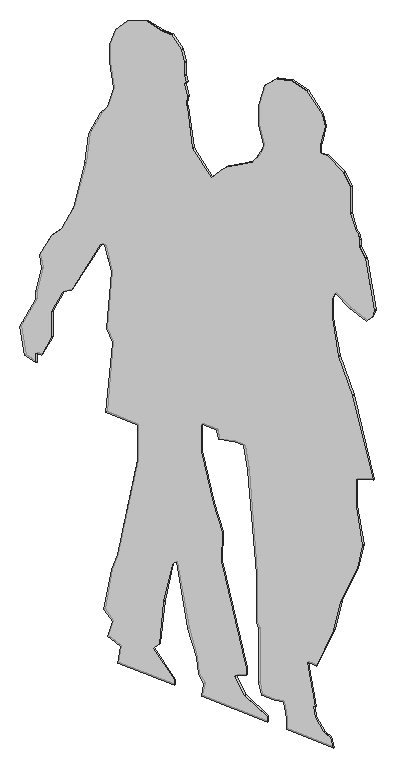
Revit family "ADSK_Антураж_ГруппаЛюдей_03", category Антураж, Revit 2019
Family settings
  На основе рабочей плоскости = Нет
  Всегда вертикально = Да
  При загрузке вырезать с полостями = Нет
  Источник визуального образа = Геометрия семейства
  Общий = Нет
  Точка расчета площади = Нет
Parameters (values of type "Тип")
  Показать чертеж [instance] = yes
  Высота = 0 mm
  Материал = Антураж
  ADSK_Версия семейства = "1.0"  # constant formula
  ADSK_Версия Revit = "v2019"  # constant formula
Reference planes
  plane 1 "Center (Front/Back)": y = 0
  plane 2: z = 0
  plane 3 "Center (Left/Right)": x = 0
  plane 4: z = 1600
Forms (mm)
  Extrusion 1, solid, material "Антураж" <- "Материал"
    sketch origin (0, 0, 0) x (1, 0, 0) y (0, 0, 1)
      loop
        line (-380.867, 125.234) -> (-356.921, 101.289) -> (-371.2, 59.502) -> (-333.747, 45.456) -> (-342.676, 0) -> (-177.676, 0) -> (-177.676, 15) -> (-237.78, 75.104) -> (-221.132, 91.751) -> (-208.8, 204.502) -> (-183.666, 308.906) -> (-173.06, 319.513) -> (-139.2, 160.039) -> (-115.259, 94.261) -> (-110.2, 51.768) -> (-93.837, 35.405) -> (-100.791, 0) -> (88.289, 0) -> (88.289, 15) -> (23.506, 45.209) -> (-4.475, 85.169) -> (28.033, 98.174) -> (28.033, 117.5) -> (-43.632, 367.428) -> (-41.567, 442.305) -> (-65.734, 508.037) -> (-100.775, 627.9) -> (-100.775, 697.5) -> (-56.066, 697.5) -> (-51.527, 675.717) -> (-3.775, 685.667) -> (20.991, 685.667) -> (32.765, 626.789) -> (57.125, 368.985) -> (57.125, 243.848) -> (63.723, 230.947) -> (63.723, 92.899) -> (70.402, 61.44) -> (107.876, 61.44) -> (134.108, 67.009) -> (142.416, 27.881) -> (142.416, 0) -> (277.904, 0) -> (268.618, 23.212) -> (250.492, 31.664) -> (226.552, 61.44) -> (221.433, 85.55) -> (226.433, 85.55) -> (203.587, 193.151) -> (228.587, 193.151) -> (279.301, 301.908) -> (299.195, 384.547) -> (346.636, 486.283) -> (362.11, 550.566) -> (343.481, 643.721) -> (343.481, 713.721) -> (391.473, 727.751) -> (333.949, 924.515) -> (293.801, 1010.615) -> (274.422, 1103.617) -> (274.422, 1153.617) -> (283.47, 1169.288) -> (324.64, 1145.519) -> (372.705, 1128.025) -> (389.193, 1144.513) -> (396.536, 1164.688) -> (370.42, 1290.026) -> (353.213, 1314.6) -> (353.213, 1331.493) -> (349.816, 1347.793) -> (342.9, 1349.646) -> (328.129, 1390.069) -> (328.129, 1459.098) -> (307.477, 1488.592) -> (261.128, 1515.352) -> (239.825, 1515.352) -> (239.825, 1538.756) -> (241.855, 1538.269) -> (254.036, 1589.015) -> (245.915, 1615.399) -> (201.256, 1662.095) -> (158.626, 1672.246) -> (115.995, 1662.095) -> (79.455, 1631.641) -> (62.2, 1574.803) -> (62.2, 1524.057) -> (77.426, 1477.36) -> (71.335, 1461.129) -> (61.185, 1444.886) -> (61.185, 1442.856) -> (45.676, 1425.406) -> (45.676, 1421.602) -> (34.796, 1418.493) -> (-26.104, 1388.039) -> (-42.345, 1373.837) -> (-71.533, 1343.232) -> (-125.667, 1399.307) -> (-141.133, 1501.768) -> (-143.926, 1504.56) -> (-139.2, 1526.904) -> (-148.482, 1556.292) -> (-143.066, 1561.699) -> (-147.9, 1577.168) -> (-147.9, 1611.973) -> (-156.6, 1642.9) -> (-185.6, 1669.971) -> (-214.6, 1669.971) -> (-257.133, 1679.639) -> (-313.2, 1660.303) -> (-348, 1625.508) -> (-365.4, 1581.035) -> (-365.4, 1536.572) -> (-353.8, 1472.773) -> (-371.2, 1420.566) -> (-388.6, 1397.373) -> (-423.4, 1331.641) -> (-435, 1250.439) -> (-468.504, 1125.402) -> (-502.569, 1061.058) -> (-530.853, 1032.773) -> (-565.853, 972.152) -> (-558.714, 937.888) -> (-576.026, 873.276) -> (-576.026, 852.368) -> (-621.366, 766.727) -> (-606.942, 697.5) -> (-576.026, 689.216) -> (-576.026, 714.216) -> (-560.043, 714.216) -> (-529.63, 771.662) -> (-529.63, 838.576) -> (-497.901, 898.509) -> (-473.656, 912.506) -> (-388.656, 1059.731) -> (-377.122, 1059.731) -> (-359.382, 999.05) -> (-374.124, 849.776) -> (-356.024, 818.424) -> (-374.37, 632.662) -> (-283.716, 631.22) -> (-283.716, 542.832) -> (-326.733, 347.568) -> (-342.2, 279.902) -> (-359.6, 233.506) -> (-380.867, 125.234)
    from 0 to 5
Lines and regions (mm)
  model lines
    curve 1: line (0, 150, 0) -> (0, -150, 0)
    curve 2: line (-150, 0, 0) -> (150, 0, 0)
Dimensions and locks
  aligned and locked: level to plane 2
